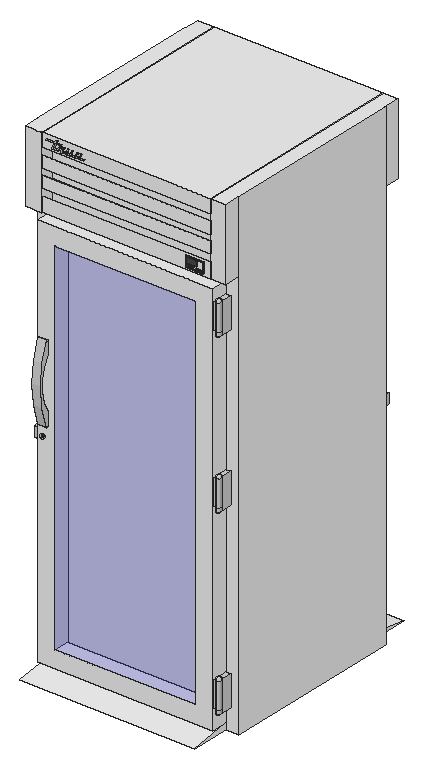
Revit family
Parameters
  Weight in Pounds = 0
  Watts = Volts * FL Amps  # 1023.5 W
  Volts = 115 V
  URL Cutsheet = "www.truemfg.com"
  URL = "www.truemfg.com"
  Type Mark [instance] = ""
  Type Comments = ""
  Status [instance] = ""
  Specification by User [instance] = ""
  Specification by Manufacturer = ""
  Show Logo [instance] = yes
  Show Clearance [instance] = yes
  Serial Number = ""
  Seismic Rating = ""
  SMACNA No = ""
  Revision Code [instance] = ""
  Phase = 1
  Omniclass Number and Title = ""
  Number of Poles [instance] = 1
  NAFEM Spec ID Number = ""
  Model = "STG1RRT-1G-1S"
  Min Ckt Ampacity = 0 A
  Max Overcurrent Protection = 0 A
  Masterspec = ""
  Manufacturer = "TRUE FOOD SERVICE EQUIPMENT, INC."
  Length = 35"
  Item Number [instance] = ""
  Installed By [instance] = ""
  Identify Quantity as Lot [instance] = yes
  Height = 83 3/4"
  HP = "1/3"
  Furnished By [instance] = ""
  Foodservice Equipment Identifier [instance] = yes
  FL Amps = 8.9 A
  Electrical Remarks [instance] = ""
  Electric Connection Type [instance] = ""
  Elec Conn RI Height [instance] = 0"
  Elec Conn Connection Height [instance] = 0"
  Description = "Roll-thru Glass Front/Solid Rear Swing Door Refrigerator"
  Depth = 37 1/2"
  Cycle = 60 Hz
  Conn Plug = "5-15P"
  Conn Conduit = yes
  CSI MasterFormat = ""
  CSI Master Format = ""
  Apparent Power = if(Phase = 3, Volts * FL Amps * 1.73, Volts * FL Amps)  # 1023.5 VA
Reference planes (in)
  plane 1 "BACK": y = 0
  plane 2: z = 0
  plane 3 "LEFT": x = 0
  plane 4 "RIGHT": x = 35
  plane 5 "FRONT": y = -37.5
  plane 6 "TOP": z = 83.75
  plane 7: x = 2.84375
  plane 8: y = -37.4542
  plane 9: x = 32.15625
  plane 10: y = -0.0458
  plane 11: y = -18.75
  plane 12: z = 69.90625
Forms (in)
  Extrusion 1, solid, material "QF_Finishes_Chrome - Satin"
    sketch origin (0.05, 0, 0) x (1, 0, 0) y (0, 1, 0)
      loop
        line (-0.05, -2.75) -> (-0.05, -34.75) -> (2.87859, -34.75) -> (2.87859, -2.75) -> (-0.05, -2.75)
    from 0 to 83.75
  Extrusion 2, solid, material "QF_Finishes_Chrome - Satin"
    sketch origin (50.15, 0, 0) x (1, 0, 0) y (0, 1, 0)
      loop
        line (-17.85, -2.75) -> (-17.85, -34.75) -> (-15.15, -34.75) -> (-15.15, -2.75) -> (-17.85, -2.75)
    from 0 to 83.75
  Extrusion 3, solid, material "QF_Finishes_Chrome - Satin"
    sketch origin (0, 0, 0) x (0, 1, 0) y (0, 0, 1)
      loop
        line (-37.4542, 71.28125) -> (-34.75, 71.28125) -> (-34.75, 0) -> (-2.75, 0) -> (-2.75, 71.28125) -> (-0.0458, 71.28125) -> (-0.0458, 73.81726) -> (-2.25, 72.25) -> (-2.25, 73.52557) -> (-0.0458, 75.09284) -> (-0.0458, 77.18904) -> (-2.25, 75.62178) -> (-2.25, 76.58254) -> (-0.0458, 78.1498) -> (-0.0458, 80.28351) -> (-2.25, 78.71625) -> (-2.25, 79.83852) -> (-0.0458, 81.40578) -> (-0.0458, 83.75) -> (-37.4542, 83.75) -> (-37.4542, 81.40578) -> (-35.25, 79.83852) -> (-35.25, 78.71625) -> (-37.4542, 80.28351) -> (-37.4542, 78.1498) -> (-35.25, 76.58254) -> (-35.25, 75.62178) -> (-37.4542, 77.18904) -> (-37.4542, 75.09284) -> (-35.25, 73.52557) -> (-35.25, 72.25) -> (-37.4542, 73.81726) -> (-37.4542, 71.28125)
    from 2.92859 to 32.3
  Extrusion 4, solid, material "QF_Finishes_Chrome - Satin"
    sketch origin (0, 0, 0) x (1, 0, 0) y (0, 1, 0)
      loop
        line (34.84782, -34.75) -> (32.3, -34.75) -> (32.3, -37.5) -> (34.84782, -37.5) -> (34.84782, -34.75)
      loop
        line (34.84782, -2.75) -> (34.84782, 0) -> (32.3, 0) -> (32.3, -2.75) -> (34.84782, -2.75)
    from 71.28125 to 83.75
  Extrusion 5, solid, material "QF_Finishes_Chrome - Satin"
    sketch origin (-50.125, 0, 0.25) x (1, 0, 0) y (0, 1, 0)
      loop
        line (53.05359, -34.75) -> (50.24109, -34.75) -> (50.24109, -37.5) -> (53.05359, -37.5) -> (53.05359, -34.75)
      loop
        line (53.05359, -2.75) -> (53.05359, 0) -> (50.24109, 0) -> (50.24109, -2.75) -> (53.05359, -2.75)
    from 71.03125 to 83.5
  Extrusion 6, solid, material "QF_Finishes_Handrails and Railings", visible <- "Show Logo"
    sketch origin (0.33478, -2.68623, 4.98732) x (1, 0, 0) y (0, 0, 1)
      loop
        line (3.46044, 78.08731) -> (3.35478, 77.86073) -> (4.76027, 77.86073)
        arc (4.76027, 77.86073) -> (4.78879, 77.81028) -> (4.76027, 77.75984) r 0.05887
        line (4.76027, 77.75984) -> (4.39369, 76.97372)
        arc (4.39369, 76.97372) -> (4.39051, 76.90091) -> (4.43975, 76.84717) r 0.09523
        line (4.43975, 76.84717) -> (5.33844, 76.84717)
        arc (5.33844, 76.84717) -> (5.45192, 76.88295) -> (5.52436, 76.97735) r 0.19785
        line (5.52436, 76.97735) -> (5.81285, 77.59601) -> (6.0779, 77.59601)
        arc (6.0779, 77.59601) -> (6.14744, 77.57043) -> (6.13737, 77.49703) r 0.05911
        line (6.13737, 77.49703) -> (5.89598, 76.97937)
        arc (5.89598, 76.97937) -> (5.89974, 76.8934) -> (5.97231, 76.84717) r 0.09318
        line (5.97231, 76.84717) -> (6.76198, 76.84717)
        arc (6.76198, 76.84717) -> (6.82249, 76.86919) -> (6.85468, 76.92495) r 0.09412
        arc (6.85468, 76.92495) -> (6.87746, 76.86995) -> (6.93246, 76.84717) r 0.07778
        line (6.93246, 76.84717) -> (7.43246, 76.84717)
        arc (7.43246, 76.84717) -> (7.49022, 76.86265) -> (7.53251, 76.90493) r 0.11552
        arc (7.53251, 76.90493) -> (7.55275, 76.85606) -> (7.60162, 76.83581) r 0.06912
        line (7.60162, 76.83581) -> (8.31225, 76.83581)
        arc (8.31225, 76.83581) -> (8.37034, 76.85988) -> (8.39441, 76.91797) r 0.08216
        arc (8.39441, 76.91797) -> (8.44767, 76.86472) -> (8.52042, 76.84522) r 0.14551
        line (8.52042, 76.84522) -> (9.85158, 76.84522) -> (9.99946, 77.10134) -> (8.65678, 77.10134)
        arc (8.65678, 77.10134) -> (8.61972, 77.12704) -> (8.61834, 77.17211) r 0.05009
        line (8.61834, 77.17211) -> (8.64157, 77.22192)
        arc (8.64157, 77.22192) -> (8.67723, 77.26864) -> (8.73327, 77.28635) r 0.09747
        line (8.73327, 77.28635) -> (9.16485, 77.28635)
        arc (9.16485, 77.28635) -> (9.258, 77.31131) -> (9.32619, 77.3795) r 0.1863
        line (9.32619, 77.3795) -> (9.45119, 77.59601)
        arc (9.45119, 77.59601) -> (9.45119, 77.71157) -> (9.35111, 77.76934) r 0.11556
        line (9.35111, 77.76934) -> (8.89562, 77.76934)
        arc (8.89562, 77.76934) -> (8.7795, 77.74962) -> (8.69849, 77.66412) r 0.18605
        line (8.69849, 77.66412) -> (8.48204, 77.19993)
        arc (8.48204, 77.19993) -> (8.41815, 77.11667) -> (8.31806, 77.08511) r 0.1745
        line (8.31806, 77.08511) -> (7.84559, 77.08511)
        arc (7.84559, 77.08511) -> (7.78903, 77.14684) -> (7.79268, 77.23048) r 0.10939
        line (7.79268, 77.23048) -> (8.04395, 77.76934) -> (7.88403, 77.76934) -> (7.61781, 77.19844)
        arc (7.61781, 77.19844) -> (7.56609, 77.13103) -> (7.48505, 77.10548) r 0.14128
        line (7.48505, 77.10548) -> (7.15925, 77.10548)
        arc (7.15925, 77.10548) -> (7.10419, 77.17723) -> (7.116, 77.26689) r 0.11816
        line (7.116, 77.26689) -> (7.3503, 77.76934) -> (7.18514, 77.76934) -> (6.91546, 77.191)
        arc (6.91546, 77.191) -> (6.85285, 77.12839) -> (6.76733, 77.10548) r 0.17104
        line (6.76733, 77.10548) -> (6.29555, 77.10548)
        arc (6.29555, 77.10548) -> (6.21082, 77.14499) -> (6.20267, 77.23813) r 0.0935
        line (6.20267, 77.23813) -> (6.35774, 77.57069) -> (6.57695, 77.57069)
        arc (6.57695, 77.57069) -> (6.61395, 77.68217) -> (6.69267, 77.76934) r 0.2857
        line (6.69267, 77.76934) -> (5.83605, 77.76934)
        arc (5.83605, 77.76934) -> (5.74086, 77.74824) -> (5.67498, 77.67635) r 0.16212
        line (5.67498, 77.67635) -> (5.44279, 77.17841)
        arc (5.44279, 77.17841) -> (5.3894, 77.12502) -> (5.31647, 77.10548) r 0.14586
        line (5.31647, 77.10548) -> (4.80506, 77.10548)
        arc (4.80506, 77.10548) -> (4.76514, 77.15942) -> (4.77274, 77.22609) r 0.09155
        line (4.77274, 77.22609) -> (5.11018, 77.86073) -> (5.96155, 77.86073) -> (6.06721, 78.08731) -> (5.21584, 78.08731) -> (5.32149, 78.31388) -> (5.01862, 78.31388) -> (4.91297, 78.08731) -> (3.46044, 78.08731)
      loop
        arc (8.83805, 77.56363) -> (8.80119, 77.55375) -> (8.7742, 77.52676) r 0.07373
        line (8.7742, 77.52676) -> (8.75229, 77.45936)
        arc (8.75229, 77.45936) -> (8.76245, 77.43483) -> (8.78699, 77.42466) r 0.0347
        line (8.78699, 77.42466) -> (9.15948, 77.42466)
        arc (9.15948, 77.42466) -> (9.18632, 77.43061) -> (9.20812, 77.44734) r 0.0635
        line (9.20812, 77.44734) -> (9.22624, 77.53122)
        arc (9.22624, 77.53122) -> (9.22091, 77.55368) -> (9.20009, 77.56363) r 0.02676
        line (9.20009, 77.56363) -> (8.83805, 77.56363)
    from 34.76797 to 34.83173
  Extrusion 7, solid, material "QF_Finishes_White"
    sketch origin (-22.74812, -2.7042, -7.97497) x (1, 0, 0) y (0, 0, 1)
      loop
        line (50.81732, 81.35727) -> (50.81732, 79.60996) -> (53.72357, 79.60996) -> (53.72357, 81.35727) -> (50.81732, 81.35727)
    from 34.75 to 34.76797
  Extrusion 8, solid, material "QF_Finishes_Black"
    sketch origin (-22.74812, -2.7042, -7.97497) x (1, 0, 0) y (0, 0, 1)
      loop
        line (53.78607, 81.41977) -> (50.75482, 81.41977) -> (50.75482, 79.54746) -> (53.78607, 79.54746) -> (53.78607, 81.41977)
      loop
        spline (50.95482, 79.87872) -> (50.96333, 79.86254) -> (50.98831, 79.84747) -> (51.02804, 79.83452) -> (51.07982, 79.82459) -> (51.14011, 79.81835) -> (51.20482, 79.81622) -> (51.26952, 79.81835) -> (51.32982, 79.82459) -> (51.38159, 79.83452) -> (51.42132, 79.84747) -> (51.4463, 79.86254) -> (51.45482, 79.87872)
        spline (51.45482, 79.87872) -> (51.4463, 79.89489) -> (51.42132, 79.90997) -> (51.38159, 79.92291) -> (51.32982, 79.93284) -> (51.26952, 79.93909) -> (51.20482, 79.94122) -> (51.14011, 79.93909) -> (51.07982, 79.93284) -> (51.02804, 79.92291) -> (50.98831, 79.90997) -> (50.96333, 79.89489) -> (50.95482, 79.87872)
      loop
        spline (51.65083, 79.87872) -> (51.65935, 79.86254) -> (51.68432, 79.84747) -> (51.72405, 79.83452) -> (51.77583, 79.82459) -> (51.83612, 79.81835) -> (51.90083, 79.81622) -> (51.96553, 79.81835) -> (52.02583, 79.82459) -> (52.07761, 79.83452) -> (52.11734, 79.84747) -> (52.14231, 79.86254) -> (52.15083, 79.87872)
        spline (52.15083, 79.87872) -> (52.14231, 79.89489) -> (52.11734, 79.90997) -> (52.07761, 79.92291) -> (52.02583, 79.93284) -> (51.96553, 79.93909) -> (51.90083, 79.94122) -> (51.83612, 79.93909) -> (51.77583, 79.93284) -> (51.72405, 79.92291) -> (51.68432, 79.90997) -> (51.65935, 79.89489) -> (51.65083, 79.87872)
      loop
        spline (52.40083, 79.87872) -> (52.40935, 79.86254) -> (52.43432, 79.84747) -> (52.47405, 79.83452) -> (52.52583, 79.82459) -> (52.58612, 79.81835) -> (52.65083, 79.81622) -> (52.71553, 79.81835) -> (52.77583, 79.82459) -> (52.82761, 79.83452) -> (52.86734, 79.84747) -> (52.89231, 79.86254) -> (52.90083, 79.87872)
        spline (52.90083, 79.87872) -> (52.89231, 79.89489) -> (52.86734, 79.90997) -> (52.82761, 79.92291) -> (52.77583, 79.93284) -> (52.71553, 79.93909) -> (52.65083, 79.94122) -> (52.58612, 79.93909) -> (52.52583, 79.93284) -> (52.47405, 79.92291) -> (52.43432, 79.90997) -> (52.40935, 79.89489) -> (52.40083, 79.87872)
      loop
        line (50.95481, 81.21978) -> (50.95481, 80.21978) -> (52.65433, 80.21978) -> (52.65433, 81.21978) -> (50.95481, 81.21978)
      loop
        line (53.72357, 81.35727) -> (50.81732, 81.35727) -> (50.81732, 79.60996) -> (53.72357, 79.60996) -> (53.72357, 81.35727)
      loop
        spline (53.15083, 79.87872) -> (53.15935, 79.86254) -> (53.18432, 79.84747) -> (53.22405, 79.83452) -> (53.27583, 79.82459) -> (53.33612, 79.81835) -> (53.40083, 79.81622) -> (53.46553, 79.81835) -> (53.52583, 79.82459) -> (53.57761, 79.83452) -> (53.61734, 79.84747) -> (53.64231, 79.86254) -> (53.65083, 79.87872)
        spline (53.65083, 79.87872) -> (53.64231, 79.89489) -> (53.61734, 79.90997) -> (53.57761, 79.92291) -> (53.52583, 79.93284) -> (53.46553, 79.93909) -> (53.40083, 79.94122) -> (53.33612, 79.93909) -> (53.27583, 79.93284) -> (53.22405, 79.92291) -> (53.18432, 79.90997) -> (53.15935, 79.89489) -> (53.15083, 79.87872)
    from 34.76797 to 34.80335
  Extrusion 9, solid
    sketch origin (-25.125, 0, 0) x (1, 0, 0) y (0, 0, 1)
      loop
        circle (56.875, 81.625) r 0.25
    from 0 to 0.0625
  Extrusion 10, solid, material "QF_Finishes_Handrails and Railings"
    sketch origin (33.78125, 0, 3.75) x (0, 1, 0) y (0, 0, -1)
      loop
        line (-34.75, -64.17729) -> (-34.75, -58.86127) -> (-37, -58.86127) -> (-37, -59.57348) -> (-36.56497, -59.57348) -> (-36.56497, -63.97276)
        arc (-36.56497, -63.97276) -> (-36.50506, -64.11738) -> (-36.36044, -64.17729) r 0.20453
        line (-36.36044, -64.17729) -> (-34.75, -64.17729)
    from 0.17506 to 1
  Revolve 11, solid, material "QF_Finishes_Handrails and Railings"
    sketch origin (33.28125, 0, 3.75) x (0, 1, 0) y (0, 0, -1)
      loop
        line (-37.01563, -59.62689) -> (-37.42229, -59.62689) -> (-37.42229, -64.0986)
        arc (-37.42229, -64.0986) -> (-37.28722, -64.35057) -> (-37.01563, -64.43983) r 0.3848
        line (-37.01563, -64.43983) -> (-37.01563, -59.62689)
      loop
        line (-37.01563, -59.57348) -> (-37.01563, -58.67281)
        arc (-37.01563, -58.67281) -> (-37.28264, -58.75883) -> (-37.42229, -59.00212) r 0.38884
        line (-37.42229, -59.00212) -> (-37.42229, -59.57348) -> (-37.01563, -59.57348)
      axis (-37.01563, -58.67281) -> (-37.01563, -64.43983)
    angle from 0 to 360
  Extrusion 12, solid, material "QF_Finishes_Handrails and Railings"
    sketch origin (27.5, -3.82734, 3.7511) x (-1, 0, 0) y (0, 0, -1)
      loop
        line (-5.58509, -64.0986) -> (-5.1875, -64.0986) -> (-5.1875, -59.62579) -> (-5.58509, -59.62579) -> (-5.58509, -64.0986)
    from 32.81497 to 33.59495
  Extrusion 13, solid, material "QF_Finishes_Handrails and Railings"
    sketch origin (33.78125, 0, -24) x (0, 1, 0) y (0, 0, -1)
      loop
        line (-34.75, -64.55229) -> (-34.75, -59.23627) -> (-37, -59.23627) -> (-37, -59.94848) -> (-36.56497, -59.94848) -> (-36.56497, -64.34776)
        arc (-36.56497, -64.34776) -> (-36.50506, -64.49238) -> (-36.36044, -64.55229) r 0.20453
        line (-36.36044, -64.55229) -> (-34.75, -64.55229)
    from 0.17506 to 1
  Revolve 14, solid, material "QF_Finishes_Handrails and Railings"
    sketch origin (33.28125, 0, -24) x (0, 1, 0) y (0, 0, -1)
      loop
        line (-37.01563, -60.00189) -> (-37.42229, -60.00189) -> (-37.42229, -64.4736)
        arc (-37.42229, -64.4736) -> (-37.28722, -64.72557) -> (-37.01563, -64.81483) r 0.3848
        line (-37.01563, -64.81483) -> (-37.01563, -60.00189)
      loop
        line (-37.01563, -59.94848) -> (-37.01563, -59.04781)
        arc (-37.01563, -59.04781) -> (-37.28264, -59.13383) -> (-37.42229, -59.37712) r 0.38884
        line (-37.42229, -59.37712) -> (-37.42229, -59.94848) -> (-37.01563, -59.94848)
      axis (-37.01563, -59.04781) -> (-37.01563, -64.81483)
    angle from 0 to 360
  Extrusion 15, solid, material "QF_Finishes_Handrails and Railings"
    sketch origin (27.5, -3.82734, -23.9989) x (-1, 0, 0) y (0, 0, -1)
      loop
        line (-5.58509, -64.4736) -> (-5.1875, -64.4736) -> (-5.1875, -60.00079) -> (-5.58509, -60.00079) -> (-5.58509, -64.4736)
    from 32.81497 to 33.59495
  Extrusion 16, solid, material "QF_Finishes_Handrails and Railings"
    sketch origin (33.78125, 0, -55.5) x (0, 1, 0) y (0, 0, -1)
      loop
        line (-34.75, -64.55229) -> (-34.75, -59.23627) -> (-37, -59.23627) -> (-37, -59.94848) -> (-36.56497, -59.94848) -> (-36.56497, -64.34776)
        arc (-36.56497, -64.34776) -> (-36.50506, -64.49238) -> (-36.36044, -64.55229) r 0.20453
        line (-36.36044, -64.55229) -> (-34.75, -64.55229)
    from 0.17506 to 1
  Revolve 17, solid, material "QF_Finishes_Handrails and Railings"
    sketch origin (33.28125, 0, -55.5) x (0, 1, 0) y (0, 0, -1)
      loop
        line (-37.01563, -60.00189) -> (-37.42229, -60.00189) -> (-37.42229, -64.4736)
        arc (-37.42229, -64.4736) -> (-37.28722, -64.72557) -> (-37.01563, -64.81483) r 0.3848
        line (-37.01563, -64.81483) -> (-37.01563, -60.00189)
      loop
        line (-37.01563, -59.94848) -> (-37.01563, -59.04781)
        arc (-37.01563, -59.04781) -> (-37.28264, -59.13383) -> (-37.42229, -59.37712) r 0.38884
        line (-37.42229, -59.37712) -> (-37.42229, -59.94848) -> (-37.01563, -59.94848)
      axis (-37.01563, -59.04781) -> (-37.01563, -64.81483)
    angle from 0 to 360
  Extrusion 18, solid, material "QF_Finishes_Handrails and Railings"
    sketch origin (27.5, -3.82734, -55.4989) x (-1, 0, 0) y (0, 0, -1)
      loop
        line (-5.58509, -64.4736) -> (-5.1875, -64.4736) -> (-5.1875, -60.00079) -> (-5.58509, -60.00079) -> (-5.58509, -64.4736)
    from 32.81497 to 33.59495
  Extrusion 19, solid, material "QF_Finishes_Door Clearance", visible <- "Show Clearance", detail levels coarse
    sketch origin (26.42841, -3.6098, 0) x (1, 0, 0) y (0, 1, 0)
      loop
        line (6.32159, -33.8902) -> (-24.14716, -33.8902)
        arc (-24.14716, -33.8902) -> (-15.22307, -55.43486) -> (6.32159, -64.35895) r 30.46875
        line (6.32159, -64.35895) -> (6.32159, -33.8902)
    from 1 to 69.90625
  Extrusion 20, solid, material "QF_Finishes_Chrome - Satin"
    sketch origin (32.6875, -3.75, 8.03125) x (0, 0, 1) y (0, -1, 0)
      loop
        line (-8.03125, 37.6875) -> (-8.03125, 31) -> (-7.03125, 31) -> (-8.03125, 37.6875)
    from 0 to -30.40625
  Extrusion 21, solid, material "QF_Finishes_Chrome - Satin"
    sketch origin (59.96875, -33.75, -0.71875) x (-1, 0, 0) y (0, 0, 1)
      loop
        line (27.25, 1.71875) -> (57.65625, 1.71875) -> (57.65625, 70.625) -> (27.25, 70.625) -> (27.25, 1.71875)
    from 31 to 33.75
  Extrusion 22, solid, material "QF_Finishes_Handrails and Railings"
    sketch origin (-23.625, -37.25, 24.93519) x (-1, 0, 0) y (0, -1, 0)
      loop
        line (-53.875, -37.25) -> (-53.875, -37.45)
        arc (-53.875, -37.45) -> (-47.075, -38.65628) -> (-40.275, -37.45) r 19.76948
        line (-40.275, -37.45) -> (-40.275, -37.25) -> (-42.675, -37.25)
        arc (-42.675, -37.25) -> (-47.075, -38.40816) -> (-51.475, -37.25) r 8.93715
        line (-51.475, -37.25) -> (-53.875, -37.25)
    from 10.87731 to 12.37731
  Extrusion 23, solid, material "QF_Finishes_Handrails and Railings"
    sketch origin (58.375, -33.66533, -3.5) x (-1, 0, 0) y (0, 0, 1)
      loop
        circle (26.4375, 40.0625) r 0.35
      loop
        line (26.47265, 40.33635) -> (26.41715, 40.33635) -> (26.41715, 39.76895) -> (26.47265, 39.76895) -> (26.47265, 40.33635)
    from 33.5 to 33.83066
  Blend 24, solid, material "QF_Finishes_Handrails and Railings"
    base sketch origin (7.46875, -33.75, -1.5) x (1, 0, 0) y (0, 0, -1)
      loop
        line (25.25, -38.99169) -> (26, -38.99169) -> (26, -37.24169) -> (25.25, -37.24169) -> (25.25, -38.99169)
    top sketch origin (7.46875, -37.5, -1.5) x (1, 0, 0) y (0, 0, -1)
      loop
        line (26.18223, -36.6441) -> (25.25, -36.6441) -> (25.25, -39.42643) -> (26.18223, -39.42643) -> (26.18223, -36.6441)
    from 33.57883 to 34.75
  Extrusion 25, solid, material "QF_Finishes_Handrails and Railings"
    sketch origin (1.21875, -37.5, 3.75) x (0, -1, 0) y (0, 0, -1)
      loop
        line (-34.75, -64.17729) -> (-34.75, -58.86127) -> (-37, -58.86127) -> (-37, -59.57348) -> (-36.56497, -59.57348) -> (-36.56497, -63.97276)
        arc (-36.56497, -63.97276) -> (-36.50506, -64.11738) -> (-36.36044, -64.17729) r 0.20453
        line (-36.36044, -64.17729) -> (-34.75, -64.17729)
    from 0.17506 to 1
  Revolve 26, solid, material "QF_Finishes_Handrails and Railings"
    sketch origin (1.71875, -37.5, 3.75) x (0, -1, 0) y (0, 0, -1)
      loop
        line (-37.01563, -59.62689) -> (-37.42229, -59.62689) -> (-37.42229, -64.0986)
        arc (-37.42229, -64.0986) -> (-37.28722, -64.35057) -> (-37.01563, -64.43983) r 0.3848
        line (-37.01563, -64.43983) -> (-37.01563, -59.62689)
      loop
        line (-37.01563, -59.57348) -> (-37.01563, -58.67281)
        arc (-37.01563, -58.67281) -> (-37.28264, -58.75883) -> (-37.42229, -59.00212) r 0.38884
        line (-37.42229, -59.00212) -> (-37.42229, -59.57348) -> (-37.01563, -59.57348)
      axis (-37.01563, -58.67281) -> (-37.01563, -64.43983)
    angle from 0 to 360
  Extrusion 27, solid, material "QF_Finishes_Handrails and Railings"
    sketch origin (7.5, -33.67266, 3.7511) x (1, 0, 0) y (0, 0, -1)
      loop
        line (-5.58509, -64.0986) -> (-5.1875, -64.0986) -> (-5.1875, -59.62579) -> (-5.58509, -59.62579) -> (-5.58509, -64.0986)
    from 32.81497 to 33.59495
  Extrusion 28, solid, material "QF_Finishes_Handrails and Railings"
    sketch origin (1.21875, -37.5, -24) x (0, -1, 0) y (0, 0, -1)
      loop
        line (-34.75, -64.55229) -> (-34.75, -59.23627) -> (-37, -59.23627) -> (-37, -59.94848) -> (-36.56497, -59.94848) -> (-36.56497, -64.34776)
        arc (-36.56497, -64.34776) -> (-36.50506, -64.49238) -> (-36.36044, -64.55229) r 0.20453
        line (-36.36044, -64.55229) -> (-34.75, -64.55229)
    from 0.17506 to 1
  Revolve 29, solid, material "QF_Finishes_Handrails and Railings"
    sketch origin (1.71875, -37.5, -24) x (0, -1, 0) y (0, 0, -1)
      loop
        line (-37.01563, -60.00189) -> (-37.42229, -60.00189) -> (-37.42229, -64.4736)
        arc (-37.42229, -64.4736) -> (-37.28722, -64.72557) -> (-37.01563, -64.81483) r 0.3848
        line (-37.01563, -64.81483) -> (-37.01563, -60.00189)
      loop
        line (-37.01563, -59.94848) -> (-37.01563, -59.04781)
        arc (-37.01563, -59.04781) -> (-37.28264, -59.13383) -> (-37.42229, -59.37712) r 0.38884
        line (-37.42229, -59.37712) -> (-37.42229, -59.94848) -> (-37.01563, -59.94848)
      axis (-37.01563, -59.04781) -> (-37.01563, -64.81483)
    angle from 0 to 360
  Extrusion 30, solid, material "QF_Finishes_Handrails and Railings"
    sketch origin (7.5, -33.67266, -23.9989) x (1, 0, 0) y (0, 0, -1)
      loop
        line (-5.58509, -64.4736) -> (-5.1875, -64.4736) -> (-5.1875, -60.00079) -> (-5.58509, -60.00079) -> (-5.58509, -64.4736)
    from 32.81497 to 33.59495
  Extrusion 31, solid, material "QF_Finishes_Handrails and Railings"
    sketch origin (1.21875, -37.5, -55.5) x (0, -1, 0) y (0, 0, -1)
      loop
        line (-34.75, -64.55229) -> (-34.75, -59.23627) -> (-37, -59.23627) -> (-37, -59.94848) -> (-36.56497, -59.94848) -> (-36.56497, -64.34776)
        arc (-36.56497, -64.34776) -> (-36.50506, -64.49238) -> (-36.36044, -64.55229) r 0.20453
        line (-36.36044, -64.55229) -> (-34.75, -64.55229)
    from 0.17506 to 1
  Revolve 32, solid, material "QF_Finishes_Handrails and Railings"
    sketch origin (1.71875, -37.5, -55.5) x (0, -1, 0) y (0, 0, -1)
      loop
        line (-37.01563, -60.00189) -> (-37.42229, -60.00189) -> (-37.42229, -64.4736)
        arc (-37.42229, -64.4736) -> (-37.28722, -64.72557) -> (-37.01563, -64.81483) r 0.3848
        line (-37.01563, -64.81483) -> (-37.01563, -60.00189)
      loop
        line (-37.01563, -59.94848) -> (-37.01563, -59.04781)
        arc (-37.01563, -59.04781) -> (-37.28264, -59.13383) -> (-37.42229, -59.37712) r 0.38884
        line (-37.42229, -59.37712) -> (-37.42229, -59.94848) -> (-37.01563, -59.94848)
      axis (-37.01563, -59.04781) -> (-37.01563, -64.81483)
    angle from 0 to 360
  Extrusion 33, solid, material "QF_Finishes_Handrails and Railings"
    sketch origin (7.5, -33.67266, -55.4989) x (1, 0, 0) y (0, 0, -1)
      loop
        line (-5.58509, -64.4736) -> (-5.1875, -64.4736) -> (-5.1875, -60.00079) -> (-5.58509, -60.00079) -> (-5.58509, -64.4736)
    from 32.81497 to 33.59495
  Extrusion 34, solid, material "QF_Finishes_Door Clearance", visible <- "Show Clearance", detail levels coarse
    sketch origin (8.57159, -33.8902, 0) x (-1, 0, 0) y (0, -1, 0)
      loop
        line (6.32159, -33.8902) -> (-24.14716, -33.8902)
        arc (-24.14716, -33.8902) -> (-15.22307, -55.43486) -> (6.32159, -64.35895) r 30.46875
        line (6.32159, -64.35895) -> (6.32159, -33.8902)
    from 1 to 69.90625
  Extrusion 35, solid, material "QF_Finishes_Chrome - Satin"
    sketch origin (2.3125, -33.75, 8.03125) x (0, 0, 1) y (0, 1, 0)
      loop
        line (-8.03125, 37.6875) -> (-8.03125, 31) -> (-7.03125, 31) -> (-8.03125, 37.6875)
    from 0 to -30.40625
  Extrusion 36, solid, material "QF_Finishes_Chrome - Satin"
    sketch origin (-24.96875, -3.75, -0.71875) x (1, 0, 0) y (0, 0, 1)
      loop
        line (27.25, 1.71875) -> (57.65625, 1.71875) -> (57.65625, 70.625) -> (27.25, 70.625) -> (27.25, 1.71875)
      loop
        line (30.25, 67.625) -> (30.25, 4.71875) -> (54.65625, 4.71875) -> (54.65625, 67.625) -> (30.25, 67.625)
    from 31 to 33.75
  Extrusion 37, solid, material "QF_Finishes_Handrails and Railings"
    sketch origin (-8.46528, -0.25, 92.11162) x (0, 1, 0) y (0, 0, 1)
      loop
        line (-37.25, -53.875) -> (-37.25, -51.475)
        arc (-37.25, -51.475) -> (-38.40816, -47.075) -> (-37.25, -42.675) r 8.93713
        line (-37.25, -42.675) -> (-37.25, -40.275) -> (-37.45, -40.275)
        arc (-37.45, -40.275) -> (-38.65633, -47.075) -> (-37.45, -53.875) r 19.7687
        line (-37.45, -53.875) -> (-37.25, -53.875)
    from 10.87731 to 12.37731
  Extrusion 38, solid, material "QF_Finishes_Handrails and Railings"
    sketch origin (-23.3125, -3.83467, -3.5) x (1, 0, 0) y (0, 0, 1)
      loop
        circle (26.4375, 40.0625) r 0.35
      loop
        line (26.47265, 40.33635) -> (26.41715, 40.33635) -> (26.41715, 39.76895) -> (26.47265, 39.76895) -> (26.47265, 40.33635)
    from 33.5 to 33.83066
  Blend 39, solid, material "QF_Finishes_Handrails and Railings"
    base sketch origin (27.53125, -3.75, -1.5) x (-1, 0, 0) y (0, 0, -1)
      loop
        line (25.25, -38.99169) -> (26, -38.99169) -> (26, -37.24169) -> (25.25, -37.24169) -> (25.25, -38.99169)
    top sketch origin (27.53125, 0, -1.5) x (-1, 0, 0) y (0, 0, -1)
      loop
        line (26.18223, -36.6441) -> (25.25, -36.6441) -> (25.25, -39.42643) -> (26.18223, -39.42643) -> (26.18223, -36.6441)
    from 33.57883 to 34.75
  Extrusion 40, solid, material "Glass"
    sketch origin (-24.96875, -3.75, -0.71875) x (1, 0, 0) y (0, 0, 1)
      loop
        line (30.25, 67.625) -> (30.25, 4.71875) -> (54.65625, 4.71875) -> (54.65625, 67.625) -> (30.25, 67.625)
    from 31 to 33.75
Cuts and joins
  joined: Extrusion 1, Extrusion 2, Extrusion 4, Extrusion 5
Lines and regions (in)
  symbolic lines
    curve 1: line (0, 0, 0) -> (35, 0, 0)
    curve 2: line (0, -37.5, 0) -> (0, 0, 0)
    curve 3: line (35, -37.5, 0) -> (0, -37.5, 0)
    curve 4: line (35, 0, 0) -> (35, -37.5, 0)
    curve 5: line (35, -35.25, 0) -> (0, -35.25, 0)
    curve 10: line (16.65, 0.2, 0) -> (16.65, 0, 0)
    curve 11: line (30.25, 0, 0) -> (30.25, 0.2, 0)
    curve 12: arc (19.05, 0, 0) -> (23.45, 1.15816, 0) -> (27.85, 0, 0) r 8.93715
    curve 13: arc (30.25, 0.2, 0) -> (23.45, 1.40628, 0) -> (16.65, 0.2, 0) r 19.76948
    curve 14: line (35, -2.25, 0) -> (0, -2.25, 0)
    curve 15: line (3.91203, -38.90633, 0) -> (3.91203, -37.5, 0)
    curve 16: line (3.91203, -38.90633, 0) -> (2.41203, -38.90633, 0)
    curve 17: line (2.41203, -37.5, 0) -> (2.41203, -38.90633, 0)
    curve 18: line (2.41203, -37.7, 0) -> (3.91203, -37.7, 0)
  symbolic lines, style "QF-Door Swings", visible <- "Show Clearance", detail levels coarse
    curve 6: line (32.75, -37.5, 0) -> (32.75, -67.96875, 0)
    curve 7: arc (32.75, -67.96875, 0) -> (11.20534, -59.04466, 0) -> (2.28125, -37.5, 0) r 30.46875
    curve 8: line (2.25, 0, 0) -> (2.25, 30.46875, 0)
    curve 9: arc (2.25, 30.46875, 0) -> (23.79466, 21.54466, 0) -> (32.71875, 0, 0) r 30.46875
Dimensions and locks (in)
  "Depth": plane 5 "FRONT" to plane 1 "BACK"
  plane 6 "TOP" to level = 83 3/4"  (x2)
  "Length": plane 3 "LEFT" to plane 4 "RIGHT"
  plane 4 "RIGHT" to plane 3 "LEFT" = 35"
  plane 5 "FRONT" to plane 1 "BACK" = 37 1/2"
  Extrusion 21 sketch curve to Extrusion 21 sketch curve = 30 13/32"
  plane 12 to level = 69 29/32"
  Extrusion 36 sketch curve to Extrusion 36 sketch curve = 30 13/32"
  aligned and locked: level to plane 2
Automatic sketch dimensions
  Extrusion 35 sketch curve to Extrusion 21 = 0"
  Extrusion 35 sketch curve to Extrusion 35 sketch curve = 1"
  Extrusion 35 sketch curve to Extrusion 21 = 3 15/16"
  Extrusion 1 sketch curve to plane 3 "LEFT" = 0"
  plane 1 "BACK" to Extrusion 1 sketch curve = 2 3/4"
  plane 7 to Extrusion 1 sketch curve = 0.08484"
  Extrusion 1 sketch curve to plane 5 "FRONT" = 2 3/4"
  plane 1 "BACK" to Extrusion 2 sketch curve = 2 3/4"
  Extrusion 2 sketch curve to plane 4 "RIGHT" = 0"
  Extrusion 2 sketch curve to plane 9 = 0.14375"
  Extrusion 2 sketch curve to plane 5 "FRONT" = 2 3/4"
  Extrusion 3 sketch curve to plane 8 = 0"  (x4)
  Extrusion 3 sketch curve to level = 0"
  Extrusion 3 sketch curve to plane 10 = 0"  (x4)
  Extrusion 3 sketch curve to plane 6 "TOP" = 0"
  plane 8 to Extrusion 3 sketch curve = 2.2042"
  Extrusion 3 sketch curve to Extrusion 3 sketch curve = 0"  (x3)
  plane 8 to Extrusion 3 sketch curve = 2.7042"
  Extrusion 3 sketch curve to Extrusion 3 sketch curve = 2.7042"
  plane 10 to Extrusion 3 sketch curve = 2.2042"
  Extrusion 3 sketch curve to Extrusion 3 sketch curve = 1/2"
  Extrusion 3 sketch curve to plane 6 "TOP" = 12 15/32"  (x2)
  Extrusion 3 sketch curve to Extrusion 3 sketch curve = 31/32"  (x2)
  Extrusion 3 sketch curve to Extrusion 3 sketch curve = 1.27557"  (x4)
  Extrusion 3 sketch curve to Extrusion 3 sketch curve = 0.29169"  (x2)
  Extrusion 3 sketch curve to Extrusion 3 sketch curve = 2.0962"  (x4)
  Extrusion 3 sketch curve to Extrusion 3 sketch curve = 0.96076"  (x4)
  Extrusion 3 sketch curve to Extrusion 3 sketch curve = 2.13371"  (x4)
  Extrusion 3 sketch curve to Extrusion 3 sketch curve = 1.12227"  (x4)
  plane 7 to Extrusion 6 sketch curve = 0.84582"
  Extrusion 6 sketch curve to Extrusion 6 sketch curve = 0.10565"  (x5)
  Extrusion 6 sketch curve to Extrusion 6 sketch curve = 1.03891"
  Extrusion 6 sketch curve to Extrusion 6 sketch curve = 0.04606"
  Extrusion 6 sketch curve to Extrusion 6 sketch curve = 0.08631"
  Extrusion 6 sketch curve to Extrusion 6 sketch curve = 0.33624"
  Extrusion 6 sketch curve to Extrusion 6 sketch curve = 0.03034"  (x2)
  Extrusion 6 sketch curve to Extrusion 6 sketch curve = 0.29274"
  Extrusion 6 sketch curve to Extrusion 6 sketch curve = 0.03232"
  Extrusion 6 sketch curve to Extrusion 6 sketch curve = 0.04851"
  Extrusion 6 sketch curve to plane 6 "TOP" = 0.67537"
  Extrusion 6 sketch curve to Extrusion 6 sketch curve = 0.1527"
  Extrusion 6 sketch curve to plane 6 "TOP" = 0.4488"
  Extrusion 6 sketch curve to Extrusion 6 sketch curve = 0.19721"
  Extrusion 6 sketch curve to Extrusion 6 sketch curve = 0.4629"
  Extrusion 6 sketch curve to Extrusion 6 sketch curve = 0.02197"
  Extrusion 6 sketch curve to Extrusion 6 sketch curve = 0.12632"
  Extrusion 6 sketch curve to Extrusion 6 sketch curve = 0.18591"
  Extrusion 6 sketch curve to plane 6 "TOP" = 1.08633"
  Extrusion 6 sketch curve to Extrusion 6 sketch curve = 0.2322"
  Extrusion 6 sketch curve to Extrusion 6 sketch curve = 0.13786"
  Extrusion 6 sketch curve to Extrusion 6 sketch curve = 0.00907"
  Extrusion 6 sketch curve to Extrusion 6 sketch curve = 0.01413"
  Extrusion 6 sketch curve to Extrusion 6 sketch curve = 0.37162"
  Extrusion 6 sketch curve to plane 6 "TOP" = 0.90195"
  Extrusion 6 sketch curve to Extrusion 6 sketch curve = 0.12551"
  Extrusion 6 sketch curve to Extrusion 6 sketch curve = 0.07633"
  Extrusion 6 sketch curve to Extrusion 6 sketch curve = 0.08445"
  Extrusion 6 sketch curve to Extrusion 6 sketch curve = 0.25598"
  Extrusion 6 sketch curve to Extrusion 6 sketch curve = 0.01887"
  Extrusion 6 sketch curve to Extrusion 6 sketch curve = 0.04061"
  Extrusion 6 sketch curve to plane 6 "TOP" = 1.52455"
  Extrusion 6 sketch curve to Extrusion 6 sketch curve = 0.0653"
  Extrusion 6 sketch curve to Extrusion 6 sketch curve = 0.08474"
  Extrusion 6 sketch curve to Extrusion 6 sketch curve = 0.00815"
  Extrusion 6 sketch curve to Extrusion 6 sketch curve = 0.22037"
  Extrusion 6 sketch curve to Extrusion 6 sketch curve = 0.21921"
  Extrusion 6 sketch curve to Extrusion 6 sketch curve = 0.11572"
  Extrusion 6 sketch curve to Extrusion 6 sketch curve = 0.46643"
  Extrusion 6 sketch curve to Extrusion 6 sketch curve = 0.00535"
  Extrusion 6 sketch curve to Extrusion 6 sketch curve = 0.09269"
  Extrusion 6 sketch curve to Extrusion 6 sketch curve = 0.09348"
  Extrusion 6 sketch curve to Extrusion 6 sketch curve = 0.14812"
  Extrusion 6 sketch curve to Extrusion 6 sketch curve = 0.07778"
  Extrusion 6 sketch curve to Extrusion 6 sketch curve = 0.20054"
  Extrusion 6 sketch curve to Extrusion 6 sketch curve = 0.04325"
  Extrusion 6 sketch curve to plane 6 "TOP" = 0.99334"  (x2)
  Extrusion 6 sketch curve to Extrusion 6 sketch curve = 0.32433"
  Extrusion 6 sketch curve to Extrusion 6 sketch curve = 0.10233"  (x2)
  Extrusion 6 sketch curve to Extrusion 6 sketch curve = 0.16515"
  Extrusion 6 sketch curve to Extrusion 6 sketch curve = 0.27321"
  Extrusion 6 sketch curve to Extrusion 6 sketch curve = 0.0526"
  Extrusion 6 sketch curve to Extrusion 6 sketch curve = 0.10005"
  Extrusion 6 sketch curve to Extrusion 6 sketch curve = 0.06912"
  Extrusion 6 sketch curve to Extrusion 6 sketch curve = 0.13276"
  Extrusion 6 sketch curve to plane 6 "TOP" = 1.5322"
  Extrusion 6 sketch curve to Extrusion 6 sketch curve = 0.17486"
  Extrusion 6 sketch curve to Extrusion 6 sketch curve = 0.05291"
  Extrusion 6 sketch curve to Extrusion 6 sketch curve = 0.53374"
  Extrusion 6 sketch curve to Extrusion 6 sketch curve = 0.09914"
  Extrusion 6 sketch curve to Extrusion 6 sketch curve = 0.15992"
  Extrusion 6 sketch curve to Extrusion 6 sketch curve = 0.46666"
  Extrusion 6 sketch curve to Extrusion 6 sketch curve = 0.00582"
  Extrusion 6 sketch curve to Extrusion 6 sketch curve = 0.08216"
  Extrusion 6 sketch curve to Extrusion 6 sketch curve = 0.16397"
  Extrusion 6 sketch curve to Extrusion 6 sketch curve = 0.12601"
  Extrusion 6 sketch curve to plane 6 "TOP" = 1.59057"
  Extrusion 6 sketch curve to Extrusion 6 sketch curve = 0.1363"
  Extrusion 6 sketch curve to plane 6 "TOP" = 1.54076"
  Extrusion 6 sketch curve to Extrusion 6 sketch curve = 0.02323"
  Extrusion 6 sketch curve to Extrusion 6 sketch curve = 0.03844"
  Extrusion 6 sketch curve to Extrusion 6 sketch curve = 0.0454"
  Extrusion 6 sketch curve to Extrusion 6 sketch curve = 0.05693"
  Extrusion 6 sketch curve to Extrusion 6 sketch curve = 0.0917"
  Extrusion 6 sketch curve to Extrusion 6 sketch curve = 0.01902"
  Extrusion 6 sketch curve to Extrusion 6 sketch curve = 0.02191"
  Extrusion 6 sketch curve to Extrusion 6 sketch curve = 0.0347"
  Extrusion 6 sketch curve to Extrusion 6 sketch curve = 0.06385"
  Extrusion 6 sketch curve to Extrusion 6 sketch curve = 0.02906"
  Extrusion 6 sketch curve to Extrusion 6 sketch curve = 0.02851"
  Extrusion 6 sketch curve to Extrusion 6 sketch curve = 0.29237"
  Extrusion 6 sketch curve to Extrusion 6 sketch curve = 0.00537"
  Extrusion 6 sketch curve to Extrusion 6 sketch curve = 0.0406"
  Extrusion 6 sketch curve to plane 6 "TOP" = 1.31534"
  Extrusion 6 sketch curve to Extrusion 6 sketch curve = 0.04327"
  Extrusion 6 sketch curve to Extrusion 6 sketch curve = 0.02615"
  Extrusion 6 sketch curve to plane 6 "TOP" = 1.38318"
  Extrusion 6 sketch curve to Extrusion 6 sketch curve = 0.11806"
  Extrusion 6 sketch curve to Extrusion 6 sketch curve = 0.15103"
  Extrusion 6 sketch curve to Extrusion 6 sketch curve = 0.10007"
  Extrusion 6 sketch curve to Extrusion 6 sketch curve = 0.5254"
  Extrusion 6 sketch curve to plane 6 "TOP" = 1.66134"
  Extrusion 6 sketch curve to Extrusion 6 sketch curve = 0.14787"
  Extrusion 6 sketch curve to Extrusion 6 sketch curve = 0.14537"
  Extrusion 6 sketch curve to Extrusion 6 sketch curve = 0.63134"
  Extrusion 6 sketch curve to Extrusion 6 sketch curve = 0.11061"
  Extrusion 6 sketch curve to Extrusion 6 sketch curve = 0.25876"
  Extrusion 6 sketch curve to Extrusion 6 sketch curve = 0.06767"
  Extrusion 6 sketch curve to Extrusion 6 sketch curve = 0.12655"
  Extrusion 6 sketch curve to Extrusion 6 sketch curve = 0.12242"
  Extrusion 6 sketch curve to Extrusion 6 sketch curve = 0.29684"
  Extrusion 6 sketch curve to Extrusion 6 sketch curve = 0.03938"
  Extrusion 6 sketch curve to Extrusion 6 sketch curve = 0.06046"
  Extrusion 6 sketch curve to Extrusion 6 sketch curve = 0.13266"
  Extrusion 6 sketch curve to Extrusion 6 sketch curve = 0.14279"
  Extrusion 6 sketch curve to Extrusion 6 sketch curve = 0.07293"
  Extrusion 6 sketch curve to Extrusion 6 sketch curve = 0.07764"
  Extrusion 6 sketch curve to Extrusion 6 sketch curve = 0.03794"
  Extrusion 6 sketch curve to Extrusion 6 sketch curve = 0.08552"
  Extrusion 6 sketch curve to Extrusion 6 sketch curve = 0.09296"
  Extrusion 6 sketch curve to Extrusion 6 sketch curve = 0.02781"
  Extrusion 6 sketch curve to Extrusion 6 sketch curve = 0.04799"
  Extrusion 6 sketch curve to Extrusion 6 sketch curve = 0.03054"
  Extrusion 6 sketch curve to Extrusion 6 sketch curve = 0.2589"
  Extrusion 6 sketch curve to Extrusion 6 sketch curve = 0.0674"
  Extrusion 6 sketch curve to Extrusion 6 sketch curve = 0.0324"
  Extrusion 6 sketch curve to Extrusion 6 sketch curve = 0.26185"
  Extrusion 6 sketch curve to Extrusion 6 sketch curve = 11/256"
  Extrusion 6 sketch curve to Extrusion 6 sketch curve = 0.07366"
  Extrusion 6 sketch curve to Extrusion 6 sketch curve = 0.02187"
  Extrusion 6 sketch curve to Extrusion 6 sketch curve = 0.06479"
  Extrusion 6 sketch curve to Extrusion 6 sketch curve = 0.05778"
  Extrusion 6 sketch curve to Extrusion 6 sketch curve = 0.32747"
  Extrusion 6 sketch curve to Extrusion 6 sketch curve = 0.05045"
  Extrusion 6 sketch curve to Extrusion 6 sketch curve = 29/128"
  plane 9 to Extrusion 7 sketch curve = 4.08705"
  plane 9 to Extrusion 7 sketch curve = 1.1808"
  Extrusion 7 sketch curve to plane 6 "TOP" = 12.11501"
  Extrusion 7 sketch curve to Extrusion 7 sketch curve = 1.74732"
  plane 9 to Extrusion 8 sketch curve = 4.14955"
  Extrusion 8 sketch curve to Extrusion 8 sketch curve = 1/16"  (x4)
  Extrusion 8 sketch curve to Extrusion 8 sketch curve = 0.1375"  (x3)
  Extrusion 8 sketch curve to Extrusion 8 sketch curve = 1/4"  (x4)
  Extrusion 8 sketch curve to Extrusion 8 sketch curve = 0.44601"
  Extrusion 8 sketch curve to Extrusion 8 sketch curve = 1/2"  (x2)
  Extrusion 8 sketch curve to Extrusion 8 sketch curve = 0.0035"
  Extrusion 8 sketch curve to Extrusion 8 sketch curve = 1.06923"
  Extrusion 8 sketch curve to plane 6 "TOP" = 12.17751"
  Extrusion 8 sketch curve to Extrusion 8 sketch curve = 0.26876"  (x2)
  Extrusion 8 sketch curve to Extrusion 8 sketch curve = 0"  (x2)
  Extrusion 8 sketch curve to Extrusion 8 sketch curve = 0.34106"
  Extrusion 8 sketch curve to Extrusion 8 sketch curve = 1"
  plane 9 to Extrusion 9 sketch curve = 13/32"
  Extrusion 9 sketch curve to plane 6 "TOP" = 2 1/8"
  Extrusion 10 sketch curve to plane 5 "FRONT" = 1/2"
  Extrusion 10 sketch curve to Extrusion 10 sketch curve = 0.43503"
  Extrusion 10 sketch curve to Extrusion 10 sketch curve = 0.20453"
  Extrusion 10 sketch curve to Extrusion 10 sketch curve = 1.61044"
  Extrusion 10 sketch curve to plane 6 "TOP" = 15.82271"
  Extrusion 10 sketch curve to Extrusion 10 sketch curve = 4.39928"
  Extrusion 10 sketch curve to Extrusion 10 sketch curve = 0.71221"
  Revolve 11 sketch curve to plane 5 "FRONT" = 0.07771"  (x2)
  Revolve 11 sketch curve to Revolve 11 sketch curve = 0.38242"
  Revolve 11 sketch curve to Revolve 11 sketch curve = 0.38436"
  Revolve 11 sketch curve to plane 5 "FRONT" = 31/64"
  Revolve 11 sketch curve to Revolve 11 sketch curve = 0.40666"
  Revolve 11 sketch curve to Revolve 11 sketch curve = 0"
  Revolve 11 sketch curve to plane 6 "TOP" = 15.00492"
  Revolve 11 sketch curve to Revolve 11 sketch curve = 0.55526"
  Revolve 11 sketch curve to Revolve 11 sketch curve = 0.19474"
  Revolve 11 sketch curve to Revolve 11 sketch curve = 0.14649"
  Revolve 11 sketch curve to Revolve 11 sketch curve = 4.42889"
  Revolve 11 sketch curve to Revolve 11 sketch curve = 0.05342"
  Revolve 11 sketch curve to Revolve 11 sketch curve = 0.51246"
  Revolve 11 sketch curve to Revolve 11 sketch curve = 0.05889"
  Extrusion 12 sketch curve to plane 9 = 0.92884"
  Extrusion 12 sketch curve to Extrusion 12 sketch curve = 0.39759"
  Extrusion 12 sketch curve to plane 6 "TOP" = 15.9003"
  Extrusion 12 sketch curve to Extrusion 12 sketch curve = 4.47281"
  Extrusion 13 sketch curve to plane 5 "FRONT" = 1/2"
  Extrusion 13 sketch curve to Extrusion 13 sketch curve = 0.43503"
  Extrusion 13 sketch curve to Extrusion 13 sketch curve = 0.20453"
  Extrusion 13 sketch curve to Extrusion 13 sketch curve = 1.61044"
  level to Extrusion 13 sketch curve = 40.55229"
  Extrusion 13 sketch curve to Extrusion 13 sketch curve = 4.39928"
  Extrusion 13 sketch curve to Extrusion 13 sketch curve = 0.71221"
  Revolve 14 sketch curve to plane 5 "FRONT" = 0.07771"  (x2)
  Revolve 14 sketch curve to Revolve 14 sketch curve = 0.38242"
  Revolve 14 sketch curve to Revolve 14 sketch curve = 0.38436"
  Revolve 14 sketch curve to plane 5 "FRONT" = 31/64"
  Revolve 14 sketch curve to Revolve 14 sketch curve = 0.40666"
  Revolve 14 sketch curve to Revolve 14 sketch curve = 0"
  level to Revolve 14 sketch curve = 41.37008"
  Revolve 14 sketch curve to Revolve 14 sketch curve = 0.55526"
  Revolve 14 sketch curve to Revolve 14 sketch curve = 0.19474"
  Revolve 14 sketch curve to Revolve 14 sketch curve = 0.14649"
  Revolve 14 sketch curve to Revolve 14 sketch curve = 4.42889"
  Revolve 14 sketch curve to Revolve 14 sketch curve = 0.05342"
  Revolve 14 sketch curve to Revolve 14 sketch curve = 0.51246"
  Revolve 14 sketch curve to Revolve 14 sketch curve = 0.05889"
  Extrusion 15 sketch curve to plane 9 = 0.92884"
  Extrusion 15 sketch curve to Extrusion 15 sketch curve = 0.39759"
  level to Extrusion 15 sketch curve = 40.4747"
  Extrusion 15 sketch curve to Extrusion 15 sketch curve = 4.47281"
  Extrusion 16 sketch curve to plane 5 "FRONT" = 1/2"
  Extrusion 16 sketch curve to Extrusion 16 sketch curve = 0.43503"
  Extrusion 16 sketch curve to Extrusion 16 sketch curve = 0.20453"
  Extrusion 16 sketch curve to Extrusion 16 sketch curve = 1.61044"
  level to Extrusion 16 sketch curve = 9.05229"
  Extrusion 16 sketch curve to Extrusion 16 sketch curve = 4.39928"
  Extrusion 16 sketch curve to Extrusion 16 sketch curve = 0.71221"
  Revolve 17 sketch curve to plane 5 "FRONT" = 0.07771"  (x2)
  Revolve 17 sketch curve to Revolve 17 sketch curve = 0.38242"
  Revolve 17 sketch curve to Revolve 17 sketch curve = 0.38436"
  Revolve 17 sketch curve to plane 5 "FRONT" = 31/64"
  Revolve 17 sketch curve to Revolve 17 sketch curve = 0.40666"
  Revolve 17 sketch curve to Revolve 17 sketch curve = 0"
  level to Revolve 17 sketch curve = 9.87008"
  Revolve 17 sketch curve to Revolve 17 sketch curve = 0.55526"
  Revolve 17 sketch curve to Revolve 17 sketch curve = 0.19474"
  Revolve 17 sketch curve to Revolve 17 sketch curve = 0.14649"
  Revolve 17 sketch curve to Revolve 17 sketch curve = 4.42889"
  Revolve 17 sketch curve to Revolve 17 sketch curve = 0.05342"
  Revolve 17 sketch curve to Revolve 17 sketch curve = 0.51246"
  Revolve 17 sketch curve to Revolve 17 sketch curve = 0.05889"
  Extrusion 18 sketch curve to plane 9 = 0.92884"
  Extrusion 18 sketch curve to Extrusion 18 sketch curve = 0.39759"
  level to Extrusion 18 sketch curve = 8.9747"
  Extrusion 18 sketch curve to Extrusion 18 sketch curve = 4.47281"
  plane 5 "FRONT" to Extrusion 19 sketch curve = 0"
  Extrusion 19 sketch curve to plane 7 = 9/16"
  Extrusion 19 sketch curve to plane 9 = 19/32"
  Extrusion 21 sketch curve to plane 9 = 9/16"
  level to Extrusion 21 sketch curve = 1"
  Extrusion 21 sketch curve to plane 6 "TOP" = 13 27/32"
  plane 9 to Extrusion 23 sketch curve = 0.1984"
  plane 9 to Extrusion 23 sketch curve = 7/32"
  Extrusion 23 sketch curve to Extrusion 23 sketch curve = 0.0555"
  level to Extrusion 23 sketch curve = 36.26895"
  Extrusion 23 sketch curve to Extrusion 23 sketch curve = 0.29355"
  Extrusion 23 sketch curve to Extrusion 23 sketch curve = 0.27385"
  Blend 24 sketch curve to plane 9 = 9/16"  (x2)
  Blend 24 sketch curve to Blend 24 sketch curve = 3/4"
  level to Blend 24 sketch curve = 37.49169"
  Blend 24 sketch curve to Blend 24 sketch curve = 1 3/4"
  Blend 24 sketch curve to Blend 24 sketch curve = 0.93223"
  level to Blend 24 sketch curve = 37.92643"
  Blend 24 sketch curve to Blend 24 sketch curve = 2.78233"
  plane 1 "BACK" to Extrusion 25 sketch curve = 1/2"
  Extrusion 25 sketch curve to Extrusion 25 sketch curve = 0.43503"
  Extrusion 25 sketch curve to Extrusion 25 sketch curve = 0.20453"
  Extrusion 25 sketch curve to Extrusion 25 sketch curve = 1.61044"
  Extrusion 25 sketch curve to plane 6 "TOP" = 15.82271"
  Extrusion 25 sketch curve to Extrusion 25 sketch curve = 4.39928"
  Extrusion 25 sketch curve to Extrusion 25 sketch curve = 0.71221"
  plane 1 "BACK" to Revolve 26 sketch curve = 0.07771"  (x2)
  Revolve 26 sketch curve to Revolve 26 sketch curve = 0.38242"
  Revolve 26 sketch curve to Revolve 26 sketch curve = 0.38436"
  plane 1 "BACK" to Revolve 26 sketch curve = 31/64"
  Revolve 26 sketch curve to Revolve 26 sketch curve = 0.40666"
  Revolve 26 sketch curve to Revolve 26 sketch curve = 0"
  Revolve 26 sketch curve to plane 6 "TOP" = 15.00492"
  Revolve 26 sketch curve to Revolve 26 sketch curve = 0.55526"
  Revolve 26 sketch curve to Revolve 26 sketch curve = 0.19474"
  Revolve 26 sketch curve to Revolve 26 sketch curve = 0.14649"
  Revolve 26 sketch curve to Revolve 26 sketch curve = 4.42889"
  Revolve 26 sketch curve to Revolve 26 sketch curve = 0.05342"
  Revolve 26 sketch curve to Revolve 26 sketch curve = 0.51246"
  Revolve 26 sketch curve to Revolve 26 sketch curve = 0.05889"
  Extrusion 27 sketch curve to plane 7 = 0.92884"
  Extrusion 27 sketch curve to Extrusion 27 sketch curve = 0.39759"
  Extrusion 27 sketch curve to plane 6 "TOP" = 15.9003"
  Extrusion 27 sketch curve to Extrusion 27 sketch curve = 4.47281"
  plane 1 "BACK" to Extrusion 28 sketch curve = 1/2"
  Extrusion 28 sketch curve to Extrusion 28 sketch curve = 0.43503"
  Extrusion 28 sketch curve to Extrusion 28 sketch curve = 0.20453"
  Extrusion 28 sketch curve to Extrusion 28 sketch curve = 1.61044"
  level to Extrusion 28 sketch curve = 40.55229"
  Extrusion 28 sketch curve to Extrusion 28 sketch curve = 4.39928"
  Extrusion 28 sketch curve to Extrusion 28 sketch curve = 0.71221"
  plane 1 "BACK" to Revolve 29 sketch curve = 0.07771"  (x2)
  Revolve 29 sketch curve to Revolve 29 sketch curve = 0.38242"
  Revolve 29 sketch curve to Revolve 29 sketch curve = 0.38436"
  plane 1 "BACK" to Revolve 29 sketch curve = 31/64"
  Revolve 29 sketch curve to Revolve 29 sketch curve = 0.40666"
  Revolve 29 sketch curve to Revolve 29 sketch curve = 0"
  level to Revolve 29 sketch curve = 41.37008"
  Revolve 29 sketch curve to Revolve 29 sketch curve = 0.55526"
  Revolve 29 sketch curve to Revolve 29 sketch curve = 0.19474"
  Revolve 29 sketch curve to Revolve 29 sketch curve = 0.14649"
  Revolve 29 sketch curve to Revolve 29 sketch curve = 4.42889"
  Revolve 29 sketch curve to Revolve 29 sketch curve = 0.05342"
  Revolve 29 sketch curve to Revolve 29 sketch curve = 0.51246"
  Revolve 29 sketch curve to Revolve 29 sketch curve = 0.05889"
  Extrusion 30 sketch curve to plane 7 = 0.92884"
  Extrusion 30 sketch curve to Extrusion 30 sketch curve = 0.39759"
  level to Extrusion 30 sketch curve = 40.4747"
  Extrusion 30 sketch curve to Extrusion 30 sketch curve = 4.47281"
  plane 1 "BACK" to Extrusion 31 sketch curve = 1/2"
  Extrusion 31 sketch curve to Extrusion 31 sketch curve = 0.43503"
  Extrusion 31 sketch curve to Extrusion 31 sketch curve = 0.20453"
  Extrusion 31 sketch curve to Extrusion 31 sketch curve = 1.61044"
  level to Extrusion 31 sketch curve = 9.05229"
  Extrusion 31 sketch curve to Extrusion 31 sketch curve = 4.39928"
  Extrusion 31 sketch curve to Extrusion 31 sketch curve = 0.71221"
  plane 1 "BACK" to Revolve 32 sketch curve = 0.07771"  (x2)
  Revolve 32 sketch curve to Revolve 32 sketch curve = 0.38242"
  Revolve 32 sketch curve to Revolve 32 sketch curve = 0.38436"
  plane 1 "BACK" to Revolve 32 sketch curve = 31/64"
  Revolve 32 sketch curve to Revolve 32 sketch curve = 0.40666"
  Revolve 32 sketch curve to Revolve 32 sketch curve = 0"
  level to Revolve 32 sketch curve = 9.87008"
  Revolve 32 sketch curve to Revolve 32 sketch curve = 0.55526"
  Revolve 32 sketch curve to Revolve 32 sketch curve = 0.19474"
  Revolve 32 sketch curve to Revolve 32 sketch curve = 0.14649"
  Revolve 32 sketch curve to Revolve 32 sketch curve = 4.42889"
  Revolve 32 sketch curve to Revolve 32 sketch curve = 0.05342"
  Revolve 32 sketch curve to Revolve 32 sketch curve = 0.51246"
  Revolve 32 sketch curve to Revolve 32 sketch curve = 0.05889"
  Extrusion 33 sketch curve to plane 7 = 0.92884"
  Extrusion 33 sketch curve to Extrusion 33 sketch curve = 0.39759"
  level to Extrusion 33 sketch curve = 8.9747"
  Extrusion 33 sketch curve to Extrusion 33 sketch curve = 4.47281"
  plane 1 "BACK" to Extrusion 34 sketch curve = 0"
  Extrusion 34 sketch curve to plane 9 = 9/16"
  Extrusion 34 sketch curve to plane 7 = 19/32"
  Extrusion 21 to Extrusion 35 sketch curve = 0"
  plane 1 "BACK" to Extrusion 4 sketch curve = 0"
  plane 5 "FRONT" to Extrusion 4 sketch curve = 0"
  Extrusion 4 sketch curve to plane 9 = 0.14375"  (x2)
  Extrusion 4 sketch curve to plane 4 "RIGHT" = 0.15218"  (x2)
  Extrusion 4 sketch curve to plane 5 "FRONT" = 2 3/4"
  plane 1 "BACK" to Extrusion 4 sketch curve = 2 3/4"
  plane 1 "BACK" to Extrusion 5 sketch curve = 0"
  plane 5 "FRONT" to Extrusion 5 sketch curve = 0"
  plane 3 "LEFT" to Extrusion 5 sketch curve = 0.11609"  (x2)
  plane 7 to Extrusion 5 sketch curve = 0.08484"  (x2)
  Extrusion 5 sketch curve to plane 5 "FRONT" = 2 3/4"
  plane 1 "BACK" to Extrusion 5 sketch curve = 2 3/4"
  Extrusion 22 sketch curve to plane 1 "BACK" = 0"  (x2)
  plane 9 to Extrusion 22 sketch curve = 1 29/32"
  Extrusion 22 sketch curve to Extrusion 22 sketch curve = 2.4"  (x2)
  plane 9 to Extrusion 22 sketch curve = 8.70625"  (x2)
  plane 11 to Extrusion 22 sketch curve = 0.3868"
  Extrusion 22 sketch curve to Extrusion 22 sketch curve = 0.2"
  plane 1 "BACK" to Extrusion 22 sketch curve = 7.77899"
  plane 1 "BACK" to curve 1 = 0"
  curve 1 to plane 3 "LEFT" = 0"
  curve 4 to plane 4 "RIGHT" = 0"
  curve 9 to plane 7 = 19/32"
  plane 7 to curve 10 = 13.80625"
  curve 10 to curve 12 = 2.4"
  plane 9 to curve 12 = 8.70625"
  plane 11 to curve 13 = 0.3868"
  plane 9 to curve 13 = 8.70625"
  plane 9 to curve 11 = 1 29/32"
  curve 9 to plane 9 = 9/16"
  curve 6 to plane 9 = 19/32"
  curve 5 to plane 5 "FRONT" = 2 1/4"
  plane 1 "BACK" to curve 12 = 7.77899"
  curve 14 to curve 1 = 2 1/4"
  curve 11 to plane 1 "BACK" = 0.2"
  Extrusion 20 sketch curve to level = 0"
  level to Extrusion 20 sketch curve = 1"
  Extrusion 20 sketch curve to plane 5 "FRONT" = 2 3/4"
  plane 5 "FRONT" to Extrusion 20 sketch curve = 3 15/16"
  plane 5 "FRONT" to curve 17 = 0"
  curve 7 to curve 18 = 0.13078"
  curve 17 to plane 7 = 0.43172"
  plane 7 to curve 15 = 1.06828"
  curve 16 to curve 15 = 1.40633"
  curve 18 to curve 15 = 0.2"
  Extrusion 36 sketch curve to plane 7 = 9/16"
  plane 7 to Extrusion 36 sketch curve = 2 7/16"
  plane 9 to Extrusion 36 sketch curve = 2 15/32"
  level to Extrusion 36 sketch curve = 1"
  level to Extrusion 36 sketch curve = 4"
  Extrusion 36 sketch curve to plane 12 = 3"
  Extrusion 36 sketch curve to plane 12 = 0"
  plane 5 "FRONT" to Extrusion 37 sketch curve = 0.2"  (x2)
  plane 5 "FRONT" to Extrusion 37 sketch curve = 0"  (x2)
  Extrusion 37 sketch curve to plane 5 "FRONT" = 7.77897"
  Extrusion 37 sketch curve to plane 11 = 0.38764"
  Extrusion 37 sketch curve to plane 12 = 31.66963"
  Extrusion 37 sketch curve to Extrusion 37 sketch curve = 2.4"
  Extrusion 37 sketch curve to Extrusion 37 sketch curve = 4.4"
  Extrusion 37 sketch curve to Extrusion 37 sketch curve = 0"
  plane 7 to Extrusion 38 sketch curve = 0.2609"
  Extrusion 38 sketch curve to Extrusion 38 sketch curve = 0.02035"
  Extrusion 38 sketch curve to Extrusion 38 sketch curve = 0.0555"
  Extrusion 38 sketch curve to plane 12 = 33.6373"
  Extrusion 38 sketch curve to Extrusion 38 sketch curve = 0.29355"
  Extrusion 38 sketch curve to Extrusion 38 sketch curve = 0.27385"
  Blend 39 sketch curve to plane 7 = 9/16"
  Blend 39 sketch curve to Blend 39 sketch curve = 3/4"
  Blend 39 sketch curve to plane 12 = 32.41456"
  Blend 39 sketch curve to Blend 39 sketch curve = 1 3/4"
  plane 7 to Blend 39 sketch curve = 9/16"
  Blend 39 sketch curve to Blend 39 sketch curve = 0.93223"
  plane 12 to Blend 39 sketch curve = 34.76215"
  Blend 39 sketch curve to Blend 39 sketch curve = 2.78233"
  plane 7 to Extrusion 40 sketch curve = 2 7/16"
  plane 9 to Extrusion 40 sketch curve = 2 15/32"
  level to Extrusion 40 sketch curve = 4"
  Extrusion 40 sketch curve to plane 12 = 3"
  radius of Extrusion 9 sketch curve = 1/4"
  radius of Extrusion 23 sketch curve = 0.35"
  radius of Extrusion 38 sketch curve = 0.35"
Connectors (in)
  electrical at (31.75, -0.0625, 81.625), driven by "Volts", driven by "Watts"
    settings: on Extrusion 9, index 1, voltage 115 V, apparent load 1023.5 VA, apparent load phase1 0 VA, apparent load phase2 0 VA, apparent load phase3 0 VA, power factor 1, load classification "Other", number of poles 1, system type 30, power factor state 1, is connector primary yes, connector utility no, sub classification motor no, connector description "Electrical Connection"
